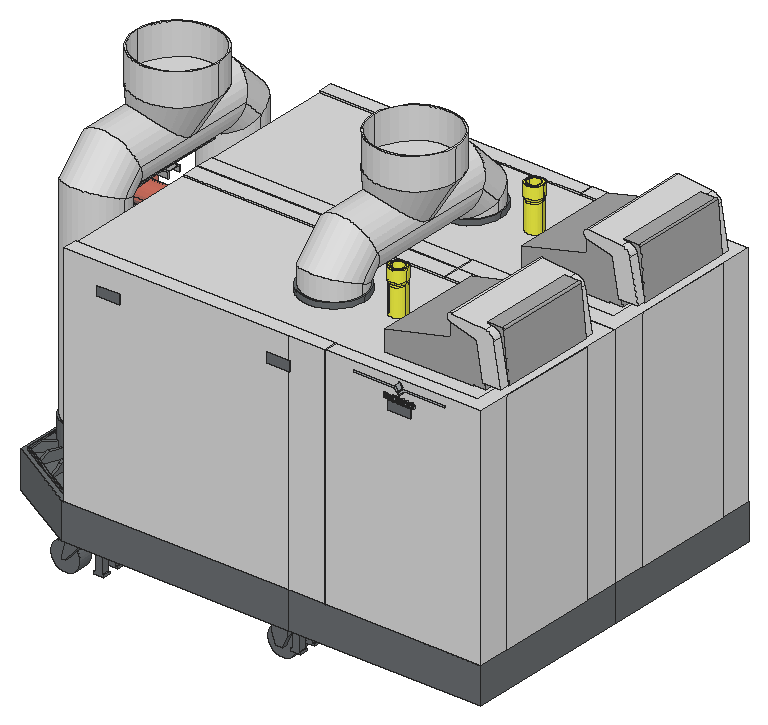
Revit family "HC_Boiler_Condensate Flow_MEPcontent_De Dietrich Thermique_C 640 8-10_FR-FR", category Mechanical Equipment, Revit 2018 (continued)
Definition of nested family "HC_Boiler_Remeha_320 Ace 8-10_Geometry_Left"
  Forms (mm)
    Extrusion 54, solid, material <- "Light Gray", visible <- "Control Unit on Back", detail levels fine
      sketch origin (-1128.353, 410, 5) x (-1, 0, 0) y (0, 0, -1)
        loop
          line (-2182.356, -1499.549) -> (-2214.226, -1324.809) -> (-2135.102, -1324.809) -> (-2135.421, -1323) -> (-2215.853, -1323) -> (-2197.416, -1530.189)
          arc (-2197.416, -1530.189) -> (-2194.853, -1535.396) -> (-2189.446, -1537.5) r 8
      from 202.015 to 617
    Extrusion 55, solid, material <- "Blue", detail levels fine
      sketch origin (-140.5, -348.5, -2.5) x (0, -1, 0) y (0, 0, 1)
        loop
          circle (-110, 368.5) r 49
        loop
          circle (-110, 368.5) r 44.5
      from 573 to 928.5
    Extrusion 56, solid, material <- "Red", detail levels fine
      sketch origin (-140.5, -339.125, 650.996) x (0, -1, 0) y (0, 0, 1)
        loop
          circle (-100.625, 372.004) r 44.45
        loop
          circle (-100.625, 372.004) r 49
      from 573 to 928.5
    Sweep 57, solid, material <- "Blue", visible <- "Optional Connection", detail levels fine
      path origin (-140.5, -238.406, 363.5) x (0, 0, -1) y (1, 0, 0)
        loop
          line (-322.5, -928.5) -> (-322.5, -883.236)
          arc (-322.5, -883.236) -> (-313.811, -837.713) -> (-288.967, -798.59) r 123.6
          line (-288.967, -798.59) -> (-212.022, -716.717)
          arc (-212.022, -716.717) -> (-186.635, -676.739) -> (-177.756, -630.222) r 126.3
          line (-177.756, -630.222) -> (-177.756, -574.5) -> (-177.756, -573.5)
      profile origin (-1046.368, -238.406, 686) x (0, 0, 1) y (0, -1, 0)
        loop
          circle (0, 0.094) r 45.7
        loop
          circle (0, 0.094) r 38.05
    Extrusion 58, solid, material <- "Red", detail levels fine
      sketch origin (15, -2124.587, -334.845) x (0, -1, 0) y (0, 0, -1)
        loop
          circle (-1886.087, -1357.845) r 99.5
        loop
          circle (-1916.587, -1431.845) r 9
        loop
          circle (-1853.313, -1431.845) r 9
        loop
          circle (-1916.587, -1283.845) r 9
        loop
          circle (-1853.313, -1283.845) r 9
        loop
          circle (-1812.087, -1388.345) r 9
        loop
          circle (-1812.087, -1327.345) r 9
        loop
          circle (-1960.087, -1388.345) r 9
        loop
          circle (-1960.087, -1327.345) r 9
        loop
          circle (-1886.087, -1357.845) r 44.45
      from -1101 to -1084
    Extrusion 59, solid, material <- "Blue", detail levels fine
      sketch origin (15, -2133.364, -990.844) x (0, -1, 0) y (0, 0, -1)
        loop
          circle (-1927.731, -1430.844) r 9
        loop
          circle (-1864.458, -1430.844) r 9
        loop
          circle (-1927.731, -1282.844) r 9
        loop
          circle (-1864.458, -1282.844) r 9
        loop
          circle (-1823.231, -1387.344) r 9
        loop
          circle (-1823.231, -1326.344) r 9
        loop
          circle (-1971.231, -1387.344) r 9
        loop
          circle (-1971.231, -1326.344) r 9
        loop
          circle (-1894.958, -1356.844) r 99.5
        loop
          circle (-1894.864, -1356.844) r 44.5
      from -1101 to -1084
    Extrusion 60, solid, material <- "Blue", visible <- "Optional Connection", detail levels fine
      sketch origin (15, -2124.04, -667.844) x (0, -1, 0) y (0, 0, -1)
        loop
          circle (-1885.54, -1353.844) r 92.5
        loop
          circle (-1939.079, -1405.109) r 9
        loop
          circle (-1885.54, -1353.844) r 38.05
        loop
          circle (-1939.079, -1302.579) r 9
        loop
          circle (-1834.275, -1405.109) r 9
        loop
          circle (-1834.275, -1302.579) r 9
      from -1101 to -1084
    Extrusion 61, solid, detail levels coarse+medium
      sketch origin (-140.5, -348.406, -2.5) x (0, -1, 0) y (0, 0, 1)
        loop
          circle (-110, 368.5) r 44.45
        loop
          circle (-110, 368.5) r 49
      from 573 to 928.5
    Extrusion 62, solid, detail levels coarse+medium
      sketch origin (-140.5, -339.031, 650.996) x (0, -1, 0) y (0, 0, 1)
        loop
          circle (-100.625, 372.004) r 44.45
        loop
          circle (-100.625, 372.004) r 49
      from 573 to 928.5
    Sweep 63, solid, visible <- "Optional Connection", detail levels coarse+medium
      path origin (-140.5, -238.406, 363.5) x (0, 0, -1) y (1, 0, 0)
        loop
          line (-322.5, -928.5) -> (-322.5, -884.305)
          arc (-322.5, -884.305) -> (-313.622, -837.788) -> (-288.235, -797.811) r 126.3
          line (-288.235, -797.811) -> (-212.022, -716.717)
          arc (-212.022, -716.717) -> (-186.635, -676.739) -> (-177.756, -630.222) r 126.3
          line (-177.756, -630.222) -> (-177.756, -574.5) -> (-177.756, -573.5)
      profile origin (-1046.903, -238.406, 686) x (0, 0, 1) y (0, -1, 0)
        loop
          circle (0, 0) r 45.7
        loop
          circle (0, -0.156) r 38.05
    Extrusion 64, solid, detail levels coarse+medium
      sketch origin (14, -2124.493, -334.845) x (0, -1, 0) y (0, 0, -1)
        loop
          circle (-1886.087, -1357.845) r 99.5
        loop
          circle (-1886.087, -1357.845) r 44.45
      from -1100 to -1083
    Extrusion 65, solid, detail levels coarse+medium
      sketch origin (14, -2133.364, -990.844) x (0, -1, 0) y (0, 0, -1)
        loop
          circle (-1894.958, -1356.844) r 99.5
        loop
          circle (-1894.958, -1356.844) r 44.45
      from -1100 to -1083
    Extrusion 66, solid, visible <- "Optional Connection", detail levels coarse+medium
      sketch origin (14, -2125.04, -669.844) x (0, -1, 0) y (0, 0, -1)
        loop
          circle (-1885.54, -1355.844) r 92.5
        loop
          circle (-1886.634, -1355.844) r 38.05
      from -1100 to -1083
    Extrusion 67, solid, material <- "Light Gray", visible <- "Control Unit on Back", detail levels fine
      sketch origin (734, 734, 0) x (1, 0, 0) y (0, 0, 1)
        loop
          line (-158, 1380.443) -> (-158, 1293) -> (225.147, 1293) -> (225.147, 1298) -> (278.358, 1298) -> (272.749, 1329.809) -> (245.153, 1480.317)
          arc (245.153, 1480.317) -> (243.068, 1485.35) -> (238.035, 1487.435) r 7.118
          line (238.035, 1487.435) -> (134.516, 1515.172)
          arc (134.516, 1515.172) -> (129.055, 1517.69) -> (124.748, 1521.887) r 17.75
          line (124.748, 1521.887) -> (124.748, 1450.205) -> (-158, 1380.443)
      from 500.5 to 967.5
    Extrusion 68, solid, visible <- "Control Unit on Back", detail levels coarse+medium
      sketch origin (734, 734, 0) x (1, 0, 0) y (0, 0, 1)
        loop
          line (124.748, 1450.205) -> (-158, 1380.443) -> (-158, 1293) -> (225.147, 1293) -> (225.147, 1298) -> (278.358, 1298) -> (272.749, 1329.809) -> (351.873, 1329.809) -> (320.004, 1504.549)
          arc (320.004, 1504.549) -> (307.635, 1527.094) -> (284.098, 1537.451) r 40
          line (284.098, 1537.451) -> (140.657, 1550)
          arc (140.657, 1550) -> (123.662, 1541.059) -> (124.748, 1521.887) r 17.75
          line (124.748, 1521.887) -> (124.748, 1450.205)
      from 489 to 979
    Extrusion 69, solid, detail levels coarse+medium
      sketch origin (14.5, 351.625, 0) x (-1, 0, 0) y (0, -1, 0)
        loop
          circle (-482.322, 351) r 21.2
      from 130 to 155
    Extrusion 70, void
      sketch origin (0, 0, 0) x (0, 1, 0) y (0, 0, 1)
        loop
          circle (-238.406, 366) r 49
        loop
          circle (239.5, 366) r 49
      from -1086 to -714.816
    Extrusion 71, solid, material <- "White", visible <- "Control Unit on Side", detail levels fine
      sketch origin (323.988, -1859.853, 5) x (0, -1, 0) y (0, 0, -1)
        loop
          arc (-2003.01, -1545) -> (-1983.982, -1530.4) -> (-1996.869, -1510.172) r 17.75
          line (-1996.869, -1510.172) -> (-2100.387, -1482.435)
          arc (-2100.387, -1482.435) -> (-2105.421, -1480.35) -> (-2107.505, -1475.317) r 7.118
          line (-2107.505, -1475.317) -> (-2135.102, -1324.809) -> (-2214.226, -1324.809) -> (-2182.356, -1499.549)
          arc (-2182.356, -1499.549) -> (-2169.988, -1522.094) -> (-2146.45, -1532.451) r 40
          line (-2146.45, -1532.451) -> (-2003.01, -1545)
      from 165 to 655
    Extrusion 72, solid, material <- "Light Gray", visible <- "Control Unit on Side", detail levels fine
      sketch origin (323.988, -1859.853, 5) x (0, -1, 0) y (0, 0, -1)
        loop
          line (-2189.446, -1537.5) -> (-2126, -1537.5) -> (-2126, -1534.24) -> (-2146.45, -1532.451)
          arc (-2146.45, -1532.451) -> (-2169.988, -1522.094) -> (-2182.356, -1499.549) r 40
          line (-2182.356, -1499.549) -> (-2214.226, -1324.809) -> (-2135.102, -1324.809) -> (-2135.421, -1323) -> (-2215.853, -1323) -> (-2197.416, -1530.189)
          arc (-2197.416, -1530.189) -> (-2194.853, -1535.396) -> (-2189.446, -1537.5) r 8
      from 202.015 to 617
    Extrusion 73, solid, material <- "Light Gray", visible <- "Control Unit on Side", detail levels fine
      sketch origin (-0.012, 2.5, 0) x (0, 1, 0) y (0, 0, 1)
        loop
          line (-158, 1380.443) -> (-158, 1293) -> (225.147, 1293) -> (225.147, 1298) -> (278.358, 1298) -> (272.749, 1329.809) -> (245.153, 1480.317)
          arc (245.153, 1480.317) -> (243.068, 1485.35) -> (238.035, 1487.435) r 7.118
          line (238.035, 1487.435) -> (134.516, 1515.172)
          arc (134.516, 1515.172) -> (129.055, 1517.69) -> (124.748, 1521.887) r 17.75
          line (124.748, 1521.887) -> (124.748, 1450.205) -> (-158, 1380.443)
      from 500.5 to 967.5
    Extrusion 74, solid, visible <- "Control Unit on Side", detail levels coarse+medium
      sketch origin (-0.012, 1.627, 0) x (0, 1, 0) y (0, 0, 1)
        loop
          line (124.748, 1450.205) -> (-158, 1380.443) -> (-158, 1293) -> (225.147, 1293) -> (225.147, 1298) -> (278.358, 1298) -> (272.749, 1329.809) -> (351.873, 1329.809) -> (320.004, 1504.549)
          arc (320.004, 1504.549) -> (307.635, 1527.094) -> (284.098, 1537.451) r 40
          line (284.098, 1537.451) -> (140.657, 1550)
          arc (140.657, 1550) -> (123.662, 1541.059) -> (124.748, 1521.887) r 17.75
          line (124.748, 1521.887) -> (124.748, 1450.205)
      from 489 to 979
    Extrusion 75, solid, material <- "Grey", detail levels fine
      sketch origin (0, 0, 0) x (1, 0, 0) y (0, 1, 0)
        loop
          circle (166.5, 0.5) r 125
        loop
          circle (166.5, 0.5) r 135
      from 1287 to 1310
  Cuts and joins
    Extrusion 35 cuts Extrusion 18
    Extrusion 37 cuts Revolve 36
    Extrusion 70 cuts Extrusion 48
    Extrusion 70 cuts Extrusion 19
    Extrusion 70 cuts Extrusion 31
    Extrusion 70 cuts Extrusion 30
    Extrusion 70 cuts Extrusion 24
  Dimensions and locks
    equal spacing: plane 5, plane 1 "Center (Front/Back)", plane 4
    "Overall Width": plane 4 to plane 5
    "Overall Height": plane 6 to plane 2
    Extrusion 42 sketch curve to Extrusion 42 sketch curve to Extrusion 42 sketch curve to Extrusion 42 sketch curve = 18.127 mm locked, 6.495 mm locked, 75 mm locked
    Extrusion 40 sketch curve to Extrusion 40 sketch curve to Extrusion 40 sketch curve to Extrusion 40 sketch curve = 18.127 mm locked, 6.495 mm locked, 75 mm locked
    Extrusion 46 sketch curve to Extrusion 46 sketch curve to Extrusion 46 sketch curve to Extrusion 46 sketch curve = 20.005 mm locked, 30.007 mm locked, 20.005 mm locked
    Extrusion 44 sketch curve to Extrusion 44 sketch curve to Extrusion 44 sketch curve to Extrusion 44 sketch curve = 20.005 mm locked, 30.007 mm locked, 20.005 mm locked
    locked: Extrusion 47 sketch curve to Extrusion 47 sketch curve
    locked: Extrusion 49 sketch curve to Extrusion 49 sketch curve
    locked: Extrusion 49 sketch curve to Extrusion 49 sketch curve at 10
    locked: Extrusion 38 sketch curve to Extrusion 48 at 10  (x2)
    locked: plane 7 to plane 2 at 155
    plane 6 to plane 9 = 257 mm
    locked: Extrusion 62 sketch curve to Extrusion 62 sketch curve at 0  (x2)
    locked: Extrusion 61 sketch curve to Extrusion 61 sketch curve at 0  (x2)
    locked: plane 4 to plane 14 at 114
    equal spacing: plane 16, plane 3 "Center (Left/Right)", plane 15
    "Overall Length": plane 16 to plane 15
    plane 15 to plane 10 = 1800 mm
    plane 5 to Extrusion 48 sketch curve = 14 mm
    Extrusion 38 to plane 15 = 2141.988 mm
    plane 13 to level = 366 mm
    plane 12 to plane 13 = 320 mm
    plane 11 to plane 12 = 337 mm
    plane 10 to plane 15 = 1800 mm
    plane 4 to plane 1 "Center (Front/Back)" = 353.5 mm
    plane 17 to level = 1477 mm
    plane 9 to level = 1293 mm
    locked: plane 9 to plane 7 at 1138
    plane 4 to plane 19 = 353 mm
    plane 4 to plane 20 = 592 mm
    Extrusion 1 to plane 20 = 592 mm
    radius of Extrusion 6 sketch curve = 62.485 mm
    radius of Extrusion 2 sketch curve = 62.485 mm
    radius of Extrusion 14 sketch curve = 62.485 mm
    radius of Extrusion 10 sketch curve = 62.485 mm
    diameter of Extrusion 34 sketch curve = 42.4 mm
    radius of Extrusion 41 sketch curve = 62.485 mm
    radius of Extrusion 39 sketch curve = 62.485 mm
    radius of Extrusion 45 sketch curve = 62.485 mm
    radius of Extrusion 43 sketch curve = 62.485 mm
    radius of Extrusion 49 sketch curve = 135 mm
    radius of Extrusion 49 sketch curve = 125 mm
    diameter of Extrusion 55 sketch curve = 98 mm
    diameter of Extrusion 65 sketch curve = 88.9 mm
    diameter of Extrusion 61 sketch curve = 98 mm
    diameter of Extrusion 69 sketch curve = 42.4 mm
    radius of Extrusion 75 sketch curve = 135 mm
    radius of Extrusion 75 sketch curve = 125 mm
    aligned and locked: level to plane 2
    aligned and locked: Extrusion 7 to Extrusion 1
    aligned and locked: Extrusion 9 to Extrusion 1
    aligned and locked: Extrusion 15 to Extrusion 1
    aligned and locked: Extrusion 17 to Extrusion 1
    aligned and locked: Extrusion 20 to Extrusion 1
    aligned and locked: Extrusion 34 to Extrusion 1
    aligned and locked: Extrusion 45 sketch curve to Extrusion 14
    aligned and locked: Extrusion 43 sketch curve to Extrusion 45
    aligned and locked: Extrusion 46 sketch curve to Extrusion 15  (x3)
    aligned and locked: Extrusion 44 sketch curve to Extrusion 11  (x3)
    aligned and locked: Extrusion 48 to Extrusion 18
    aligned and locked: Extrusion 49 to Extrusion 48
    aligned and locked: Extrusion 50 to Extrusion 48
    aligned and locked: Extrusion 33 to Extrusion 48
    aligned and locked: Extrusion 38 to Extrusion 48
    aligned and locked: Extrusion 48 to Extrusion 22
    aligned and locked: Extrusion 31 to Extrusion 48
    aligned and locked: Extrusion 47 to Extrusion 48
    aligned and locked: Extrusion 32 to Extrusion 48
    aligned and locked: Extrusion 23 to Extrusion 38
    aligned and locked: Extrusion 24 to Extrusion 38
    aligned and locked: Extrusion 25 to Extrusion 38
    aligned and locked: Extrusion 26 to Extrusion 38
    aligned and locked: Extrusion 29 to Extrusion 38
    aligned and locked: Extrusion 28 to Extrusion 38
    aligned and locked: Extrusion 27 to Extrusion 38
    aligned and locked: Extrusion 48 sketch curve to plane 4
    aligned and locked: Extrusion 64 to Extrusion 58
    aligned and locked: Extrusion 62 to Extrusion 56
    aligned and locked: Extrusion 60 to Extrusion 66
    aligned and locked: Extrusion 55 to Extrusion 65
    aligned and locked: Extrusion 61 to Extrusion 55
    aligned and locked: Extrusion 55 to Extrusion 61
    aligned and locked: Extrusion 64 to Extrusion 62
    aligned and locked: Extrusion 58 to Extrusion 64
    aligned and locked: Extrusion 66 to Extrusion 64
    aligned and locked: Extrusion 60 to Extrusion 64
    aligned and locked: Extrusion 65 to Extrusion 64
    aligned and locked: Extrusion 59 to Extrusion 64
    aligned and locked: Extrusion 48 sketch curve to plane 15
    aligned and locked: plane 17 to cut or joined group of Revolve 36, Extrusion 37
    aligned and locked: Extrusion 50 to plane 17
    aligned and locked: Extrusion 33 to plane 17
    aligned and locked: cut or joined group of Revolve 36, Extrusion 37 to plane 17
  Automatic sketch dimensions
    Extrusion 1 sketch curve to plane 4 = 0 mm
    Extrusion 1 sketch curve to plane 15 = 0 mm
    Extrusion 1 sketch curve to plane 5 = 14 mm
    plane 3 "Center (Left/Right)" to Extrusion 1 sketch curve = 257.5 mm  (x2)
    Extrusion 1 sketch curve to plane 10 = 10 mm
    Extrusion 1 sketch curve to plane 16 = 30.012 mm
    plane 14 to Extrusion 1 sketch curve = 77.145 mm
    level to Extrusion 2 sketch curve = 62.222 mm
    Extrusion 2 sketch curve to plane 10 = 40.479 mm
    level to Extrusion 6 sketch curve = 62.222 mm
    Extrusion 6 sketch curve to plane 10 = 40.479 mm
    level to Extrusion 10 sketch curve = 62.222 mm
    plane 3 "Center (Left/Right)" to Extrusion 10 sketch curve = 182.328 mm
    level to Extrusion 14 sketch curve = 62.222 mm
    plane 3 "Center (Left/Right)" to Extrusion 14 sketch curve = 182.328 mm
    Extrusion 18 sketch curve to plane 4 = 0 mm
    Extrusion 18 sketch curve to plane 15 = 0 mm
    Extrusion 18 sketch curve to plane 10 = 0 mm  (x2)
    Extrusion 18 sketch curve to plane 15 = 61.5 mm
    Extrusion 18 sketch curve to plane 5 = 14 mm
    plane 3 "Center (Left/Right)" to Extrusion 18 sketch curve = 257.5 mm  (x2)
    Extrusion 18 sketch curve to plane 14 = 53 mm
    Extrusion 18 sketch curve to Extrusion 18 sketch curve = 0 mm
    plane 20 to Extrusion 18 sketch curve = 54 mm
    Extrusion 19 sketch curve to plane 10 = 0 mm
    Extrusion 19 sketch curve to plane 14 = 53 mm
    plane 3 "Center (Left/Right)" to Extrusion 19 sketch curve = 257.5 mm
    Extrusion 19 sketch curve to plane 15 = 61.5 mm
    plane 20 to Extrusion 19 sketch curve = 54 mm
    Extrusion 31 sketch curve to plane 10 = 9 mm
    Extrusion 31 sketch curve to Extrusion 31 sketch curve = 3 mm  (x2)
    Extrusion 31 sketch curve to plane 16 = 57 mm
    Extrusion 31 sketch curve to plane 4 = 24.132 mm
    Extrusion 31 sketch curve to Extrusion 31 sketch curve = 5.189 mm  (x2)
    plane 14 to Extrusion 31 sketch curve = 88.329 mm
    Extrusion 31 sketch curve to Extrusion 31 sketch curve = 1.734 mm  (x2)
    Extrusion 31 sketch curve to plane 20 = 89.063 mm
    plane 5 to Extrusion 31 sketch curve = 29.321 mm
    Extrusion 32 sketch curve to Extrusion 32 sketch curve = 0 mm  (x2)
    plane 1 "Center (Front/Back)" to Extrusion 32 sketch curve = 0 mm
    Extrusion 32 sketch curve to plane 10 = 144.515 mm
    Extrusion 33 sketch curve to plane 19 = 0 mm  (x2)
    plane 3 "Center (Left/Right)" to Extrusion 33 sketch curve = 445 mm
    Extrusion 33 sketch curve to Extrusion 33 sketch curve = 0.184 mm
    plane 19 to Extrusion 34 sketch curve = 0.125 mm
    plane 3 "Center (Left/Right)" to Extrusion 34 sketch curve = 496.822 mm
    Extrusion 37 sketch curve to plane 19 = 0.024 mm
    plane 3 "Center (Left/Right)" to Extrusion 37 sketch curve = 445 mm
    Extrusion 38 sketch curve to plane 4 = 0 mm
    Extrusion 38 sketch curve to plane 5 = 14 mm
    plane 3 "Center (Left/Right)" to Extrusion 38 sketch curve = 253 mm  (x2)
    Extrusion 38 sketch curve to plane 15 = 4.5 mm
    Extrusion 38 sketch curve to plane 16 = 30.012 mm
    plane 14 to Extrusion 38 sketch curve = 77.432 mm
    Extrusion 38 sketch curve to plane 20 = 81.432 mm
    level to Extrusion 39 sketch curve = 62.222 mm
    Extrusion 39 sketch curve to plane 10 = 40.479 mm
    level to Extrusion 41 sketch curve = 62.222 mm
    Extrusion 41 sketch curve to plane 10 = 40.479 mm
    Extrusion 47 sketch curve to Extrusion 47 sketch curve = 0 mm  (x2)
    plane 1 "Center (Front/Back)" to Extrusion 47 sketch curve = 0 mm
    Extrusion 47 sketch curve to plane 10 = 144.515 mm
    Extrusion 48 sketch curve to plane 10 = 0 mm
    Extrusion 49 sketch curve to Extrusion 49 sketch curve = 0 mm  (x2)
    Extrusion 49 sketch curve to plane 19 = 0 mm
    plane 3 "Center (Left/Right)" to Extrusion 49 sketch curve = 166.5 mm
    Extrusion 50 sketch curve to plane 19 = 0 mm  (x2)
    plane 3 "Center (Left/Right)" to Extrusion 50 sketch curve = 445 mm
    Extrusion 50 sketch curve to Extrusion 50 sketch curve = 0.184 mm
    plane 4 to Extrusion 52 sketch curve = 2.5 mm
    Extrusion 52 sketch curve to plane 15 = 144.985 mm
    Extrusion 52 sketch curve to Extrusion 52 sketch curve = 415 mm
    plane 14 to Extrusion 52 sketch curve = 14.353 mm
    Extrusion 56 sketch curve to Extrusion 56 sketch curve = 0 mm  (x2)
    Extrusion 56 sketch curve to plane 11 = 0 mm
    Extrusion 56 sketch curve to plane 20 = 0 mm
    Sweep 57 sketch curve to plane 12 = 0 mm
    Sweep 57 sketch curve to plane 10 = 0 mm
    Sweep 57 sketch curve to plane 12 = 18.444 mm
    Sweep 57 sketch curve to plane 12 = 33.533 mm
    Sweep 57 sketch curve to Sweep 57 sketch curve = 76.945 mm
    Sweep 57 sketch curve to plane 10 = 1 mm
    Sweep 57 sketch curve to Sweep 57 sketch curve = 34.265 mm
    Sweep 57 sketch curve to plane 10 = 56.722 mm
    Sweep 57 sketch curve to plane 16 = 17 mm
    Sweep 57 sketch curve to Sweep 57 sketch curve = 0 mm  (x2)
    profile plane to Sweep 57 sketch curve = 0 mm
    profile plane to Sweep 57 sketch curve = 0.094 mm
    Extrusion 58 sketch curve to Extrusion 58 sketch curve = 0 mm  (x3)
    Extrusion 58 sketch curve to plane 11 = 0 mm
    Extrusion 58 sketch curve to plane 20 = 0 mm
    Extrusion 58 sketch curve to plane 20 = 30.5 mm  (x2)
    plane 11 to Extrusion 58 sketch curve = 30.5 mm  (x2)
    Extrusion 58 sketch curve to Extrusion 58 sketch curve = 43.5 mm  (x4)
    Extrusion 58 sketch curve to plane 11 = 30.5 mm  (x2)
    plane 20 to Extrusion 58 sketch curve = 32.774 mm  (x2)
    plane 5 to Extrusion 58 sketch curve = 41 mm  (x2)
    plane 11 to Extrusion 58 sketch curve = 74 mm
    Extrusion 60 sketch curve to Extrusion 60 sketch curve = 0 mm  (x2)
    Extrusion 60 sketch curve to plane 12 = 0 mm
    Extrusion 60 sketch curve to plane 20 = 0 mm
    Extrusion 60 sketch curve to plane 20 = 53.539 mm  (x2)
    plane 20 to Extrusion 60 sketch curve = 51.265 mm  (x2)
    plane 12 to Extrusion 60 sketch curve = 51.265 mm  (x2)
    Extrusion 60 sketch curve to plane 12 = 51.265 mm  (x2)
    Extrusion 62 sketch curve to Extrusion 62 sketch curve = 0 mm  (x2)
    Extrusion 62 sketch curve to plane 11 = 0 mm
    Extrusion 62 sketch curve to plane 20 = 0.094 mm
    Sweep 63 sketch curve to plane 12 = 0 mm
    Sweep 63 sketch curve to plane 10 = 0 mm
    Sweep 63 sketch curve to plane 12 = 18.444 mm
    Sweep 63 sketch curve to plane 12 = 34.265 mm
    Sweep 63 sketch curve to Sweep 63 sketch curve = 76.213 mm
    Sweep 63 sketch curve to plane 16 = 61.195 mm
    Sweep 63 sketch curve to Sweep 63 sketch curve = 126.3 mm
    Sweep 63 sketch curve to Sweep 63 sketch curve = 1 mm
    Sweep 63 sketch curve to plane 16 = 17 mm
    profile plane to Sweep 63 sketch curve = 0 mm  (x2)
    Sweep 63 sketch curve to profile plane = 0 mm
    Sweep 63 sketch curve to Sweep 63 sketch curve = 0.156 mm
    Extrusion 64 sketch curve to Extrusion 64 sketch curve = 0 mm  (x2)
    Extrusion 64 sketch curve to plane 11 = 0 mm
    Extrusion 64 sketch curve to plane 20 = 0.094 mm
    Extrusion 66 sketch curve to plane 12 = 0 mm  (x2)
    Extrusion 66 sketch curve to plane 20 = 0.094 mm
    plane 20 to Extrusion 66 sketch curve = 1 mm
    plane 19 to Extrusion 69 sketch curve = 0.125 mm
    plane 3 "Center (Left/Right)" to Extrusion 69 sketch curve = 496.822 mm
    plane 10 to Extrusion 1 sketch curve = 22.95 mm
    Extrusion 1 sketch curve to plane 20 = 81.432 mm
    Extrusion 3 sketch curve to plane 7 = 0 mm
    level to Extrusion 3 sketch curve = 63.696 mm
    Extrusion 3 sketch curve to Extrusion 3 sketch curve = 1.196 mm
    Extrusion 3 sketch curve to Extrusion 3 sketch curve = 4.622 mm
    plane 10 to Extrusion 3 sketch curve = 54.5 mm
    Extrusion 3 sketch curve to plane 10 = 20.5 mm
    Extrusion 3 sketch curve to plane 10 = 26.995 mm
    Extrusion 3 sketch curve to Extrusion 3 sketch curve = 13.505 mm
    Extrusion 4 sketch curve to plane 7 = 0 mm
    level to Extrusion 4 sketch curve = 70 mm
    Extrusion 4 sketch curve to Extrusion 4 sketch curve = 0 mm
    Extrusion 4 sketch curve to Extrusion 4 sketch curve = 10 mm
    plane 10 to Extrusion 4 sketch curve = 149.713 mm
    Extrusion 4 sketch curve to Extrusion 4 sketch curve = 6.213 mm  (x2)
    Extrusion 4 sketch curve to Extrusion 4 sketch curve = 30 mm
    Extrusion 5 sketch curve to plane 7 = 0 mm
    level to Extrusion 5 sketch curve = 70 mm
    Extrusion 5 sketch curve to Extrusion 5 sketch curve = 0 mm
    Extrusion 5 sketch curve to Extrusion 5 sketch curve = 10 mm
    plane 10 to Extrusion 5 sketch curve = 107.287 mm
    Extrusion 5 sketch curve to Extrusion 5 sketch curve = 6.213 mm  (x2)
    Extrusion 5 sketch curve to Extrusion 5 sketch curve = 30 mm
    Extrusion 7 sketch curve to plane 7 = 0 mm
    level to Extrusion 7 sketch curve = 63.696 mm
    Extrusion 7 sketch curve to Extrusion 7 sketch curve = 1.196 mm
    Extrusion 7 sketch curve to Extrusion 7 sketch curve = 4.622 mm
    Extrusion 7 sketch curve to plane 10 = 44.965 mm
    Extrusion 7 sketch curve to Extrusion 7 sketch curve = 13.505 mm
    Extrusion 7 sketch curve to plane 10 = 20.5 mm
    plane 10 to Extrusion 7 sketch curve = 54.5 mm
    Extrusion 8 sketch curve to plane 7 = 0 mm
    level to Extrusion 8 sketch curve = 70 mm
    Extrusion 8 sketch curve to Extrusion 8 sketch curve = 0 mm
    Extrusion 8 sketch curve to Extrusion 8 sketch curve = 10 mm
    plane 10 to Extrusion 8 sketch curve = 107.287 mm
    Extrusion 8 sketch curve to Extrusion 8 sketch curve = 6.213 mm  (x2)
    Extrusion 8 sketch curve to Extrusion 8 sketch curve = 30 mm
    Extrusion 9 sketch curve to plane 7 = 0 mm
    level to Extrusion 9 sketch curve = 70 mm
    Extrusion 9 sketch curve to Extrusion 9 sketch curve = 0 mm
    Extrusion 9 sketch curve to Extrusion 9 sketch curve = 10 mm
    plane 10 to Extrusion 9 sketch curve = 149.713 mm
    Extrusion 9 sketch curve to Extrusion 9 sketch curve = 6.213 mm  (x2)
    Extrusion 9 sketch curve to Extrusion 9 sketch curve = 30 mm
    Extrusion 11 sketch curve to plane 7 = 0 mm
    Extrusion 11 sketch curve to plane 7 = 57.896 mm
    Extrusion 11 sketch curve to Extrusion 11 sketch curve = 57.896 mm
    level to Extrusion 11 sketch curve = 49.976 mm
    plane 3 "Center (Left/Right)" to Extrusion 11 sketch curve = 217.336 mm
    Extrusion 11 sketch curve to Extrusion 11 sketch curve = 20.005 mm
    Extrusion 11 sketch curve to Extrusion 11 sketch curve = 30.007 mm
    Extrusion 11 sketch curve to Extrusion 11 sketch curve = 70.016 mm
    Extrusion 12 sketch curve to plane 7 = 0 mm
    level to Extrusion 12 sketch curve = 70 mm
    Extrusion 12 sketch curve to Extrusion 12 sketch curve = 0 mm
    Extrusion 12 sketch curve to Extrusion 12 sketch curve = 10 mm
    plane 3 "Center (Left/Right)" to Extrusion 12 sketch curve = 286.213 mm
    Extrusion 12 sketch curve to Extrusion 12 sketch curve = 6.213 mm  (x2)
    Extrusion 12 sketch curve to Extrusion 12 sketch curve = 30 mm
    Extrusion 13 sketch curve to plane 7 = 0 mm
    level to Extrusion 13 sketch curve = 70 mm
    Extrusion 13 sketch curve to Extrusion 13 sketch curve = 0 mm
    Extrusion 13 sketch curve to Extrusion 13 sketch curve = 10 mm
    plane 3 "Center (Left/Right)" to Extrusion 13 sketch curve = 243.787 mm
    Extrusion 13 sketch curve to Extrusion 13 sketch curve = 6.213 mm  (x2)
    Extrusion 13 sketch curve to Extrusion 13 sketch curve = 30 mm
    Extrusion 15 sketch curve to plane 7 = 0 mm
    Extrusion 15 sketch curve to plane 7 = 57.896 mm  (x2)
    level to Extrusion 15 sketch curve = 49.976 mm
    plane 3 "Center (Left/Right)" to Extrusion 15 sketch curve = 147.32 mm
    Extrusion 15 sketch curve to Extrusion 15 sketch curve = 20.005 mm  (x2)
    Extrusion 15 sketch curve to Extrusion 15 sketch curve = 30.007 mm
    Extrusion 16 sketch curve to plane 7 = 0 mm
    level to Extrusion 16 sketch curve = 70 mm
    Extrusion 16 sketch curve to Extrusion 16 sketch curve = 0 mm
    Extrusion 16 sketch curve to Extrusion 16 sketch curve = 10 mm
    plane 3 "Center (Left/Right)" to Extrusion 16 sketch curve = 243.787 mm
    Extrusion 16 sketch curve to Extrusion 16 sketch curve = 6.213 mm  (x2)
    Extrusion 16 sketch curve to Extrusion 16 sketch curve = 30 mm
    Extrusion 17 sketch curve to plane 7 = 0 mm
    level to Extrusion 17 sketch curve = 70 mm
    Extrusion 17 sketch curve to Extrusion 17 sketch curve = 0 mm
    Extrusion 17 sketch curve to Extrusion 17 sketch curve = 10 mm
    plane 3 "Center (Left/Right)" to Extrusion 17 sketch curve = 286.213 mm
    Extrusion 17 sketch curve to Extrusion 17 sketch curve = 6.213 mm  (x2)
    Extrusion 17 sketch curve to Extrusion 17 sketch curve = 30 mm
    Extrusion 20 sketch curve to plane 7 = 0 mm
    Extrusion 20 sketch curve to plane 7 = 37.233 mm
    level to Extrusion 20 sketch curve = 35 mm
    level to Extrusion 20 sketch curve = 5 mm
    plane 3 "Center (Left/Right)" to Extrusion 20 sketch curve = 454 mm
    Extrusion 20 sketch curve to Extrusion 20 sketch curve = 10 mm
    Extrusion 20 sketch curve to Extrusion 20 sketch curve = 40 mm
    Extrusion 20 sketch curve to Extrusion 20 sketch curve = 77 mm
    Extrusion 22 sketch curve to plane 9 = 2 mm
    Extrusion 22 sketch curve to plane 20 = 23.5 mm
    plane 14 to Extrusion 22 sketch curve = 24.5 mm
    Extrusion 22 sketch curve to plane 13 = 56 mm
    plane 20 to Extrusion 23 sketch curve = 5.937 mm
    Extrusion 23 sketch curve to plane 13 = 16.5 mm
    Extrusion 23 sketch curve to plane 20 = 60.704 mm
    Extrusion 23 sketch curve to Extrusion 23 sketch curve = 49 mm
    Extrusion 23 sketch curve to plane 13 = 48.5 mm
    Extrusion 23 sketch curve to Extrusion 23 sketch curve = 7.5 mm
    Extrusion 24 sketch curve to plane 14 = 7.211 mm
    Extrusion 24 sketch curve to plane 13 = 16.5 mm
    plane 14 to Extrusion 24 sketch curve = 59.047 mm
    Extrusion 24 sketch curve to Extrusion 24 sketch curve = 49.021 mm
    Extrusion 24 sketch curve to plane 13 = 46 mm
    Extrusion 24 sketch curve to Extrusion 24 sketch curve = 39.5 mm
    Extrusion 25 sketch curve to plane 13 = 56 mm
    Extrusion 25 sketch curve to plane 13 = 16.5 mm
    Extrusion 25 sketch curve to Extrusion 25 sketch curve = 39.148 mm
    Extrusion 25 sketch curve to Extrusion 25 sketch curve = 50.435 mm
    Extrusion 25 sketch curve to Extrusion 25 sketch curve = 7.5 mm
    Extrusion 26 sketch curve to plane 13 = 56 mm
    Extrusion 26 sketch curve to plane 13 = 16.5 mm
    Extrusion 26 sketch curve to Extrusion 26 sketch curve = 41.003 mm
    Extrusion 26 sketch curve to Extrusion 26 sketch curve = 54.782 mm
    Extrusion 26 sketch curve to Extrusion 26 sketch curve = 6.102 mm
    Extrusion 27 sketch curve to plane 13 = 56 mm
    Extrusion 27 sketch curve to plane 13 = 16.5 mm
    Extrusion 27 sketch curve to Extrusion 27 sketch curve = 38.121 mm
    Extrusion 27 sketch curve to Extrusion 27 sketch curve = 15.209 mm
    Extrusion 27 sketch curve to Extrusion 27 sketch curve = 8.274 mm
    Extrusion 28 sketch curve to plane 16 = 54.912 mm
    Extrusion 28 sketch curve to plane 13 = 16.5 mm
    Extrusion 28 sketch curve to Extrusion 28 sketch curve = 36.857 mm
    Extrusion 28 sketch curve to Extrusion 28 sketch curve = 7.1 mm
    Extrusion 28 sketch curve to plane 13 = 44.274 mm
    Extrusion 28 sketch curve to Extrusion 28 sketch curve = 39.5 mm
    Extrusion 29 sketch curve to plane 13 = 56 mm
    Extrusion 29 sketch curve to plane 13 = 16.5 mm
    Extrusion 29 sketch curve to Extrusion 29 sketch curve = 37.294 mm
    Extrusion 29 sketch curve to Extrusion 29 sketch curve = 13.599 mm
    Extrusion 29 sketch curve to Extrusion 29 sketch curve = 8.897 mm
    Extrusion 30 sketch curve to plane 13 = 53.5 mm
    Extrusion 30 sketch curve to plane 13 = 16.5 mm
    Extrusion 30 sketch curve to Extrusion 30 sketch curve = 38.031 mm
    Extrusion 30 sketch curve to Extrusion 30 sketch curve = 50.316 mm
    Extrusion 30 sketch curve to Extrusion 30 sketch curve = 8.342 mm
    Extrusion 35 sketch curve to plane 9 = 0 mm
    Extrusion 35 sketch curve to plane 7 = 0 mm
    Extrusion 35 sketch curve to plane 4 = 0 mm
    Extrusion 35 sketch curve to plane 4 = 7.5 mm
    Extrusion 35 sketch curve to plane 5 = 14 mm
    Extrusion 35 sketch curve to plane 9 = 7.097 mm
    Revolve 36 sketch curve to plane 17 = 0 mm
    plane 17 to Revolve 36 sketch curve = 48.5 mm
    Revolve 36 sketch curve to Revolve 36 sketch curve = 9.229 mm
    Revolve 36 sketch curve to Revolve 36 sketch curve = 7.771 mm
    plane 3 "Center (Left/Right)" to Revolve 36 sketch curve = 483.829 mm
    Revolve 36 sketch curve to Revolve 36 sketch curve = 3.1 mm
    Revolve 36 sketch curve to Revolve 36 sketch curve = 14.9 mm
    plane 17 to Revolve 36 sketch curve = 9.5 mm
    Revolve 36 sketch curve to Revolve 36 sketch curve = 20.392 mm
    Revolve 36 sketch curve to Revolve 36 sketch curve = 20.829 mm
    Extrusion 40 sketch curve to plane 7 = 0 mm
    level to Extrusion 40 sketch curve = 63.696 mm
    Extrusion 40 sketch curve to Extrusion 40 sketch curve = 1.196 mm
    Extrusion 40 sketch curve to Extrusion 40 sketch curve = 4.622 mm
    plane 10 to Extrusion 40 sketch curve = 54.5 mm
    Extrusion 42 sketch curve to plane 7 = 0 mm
    level to Extrusion 42 sketch curve = 63.696 mm
    Extrusion 42 sketch curve to Extrusion 42 sketch curve = 1.196 mm
    Extrusion 42 sketch curve to Extrusion 42 sketch curve = 4.622 mm
    Extrusion 42 sketch curve to plane 10 = 44.965 mm
    Extrusion 44 sketch curve to plane 7 = 0 mm
    Extrusion 46 sketch curve to plane 7 = 0 mm
    Extrusion 51 sketch curve to plane 13 = 53.5 mm
    Extrusion 51 sketch curve to plane 13 = 16.5 mm
    Extrusion 51 sketch curve to Extrusion 51 sketch curve = 41.003 mm
    Extrusion 51 sketch curve to Extrusion 51 sketch curve = 54.782 mm
    Extrusion 51 sketch curve to Extrusion 51 sketch curve = 6.102 mm
    Extrusion 53 sketch curve to plane 6 = 0 mm
    Extrusion 53 sketch curve to plane 15 = 0.127 mm
    Extrusion 53 sketch curve to plane 15 = 31.996 mm
    Extrusion 53 sketch curve to plane 6 = 12.549 mm
    Extrusion 53 sketch curve to Extrusion 53 sketch curve = 35.906 mm
    Extrusion 53 sketch curve to plane 17 = 20.603 mm
    Extrusion 53 sketch curve to Extrusion 53 sketch curve = 39.392 mm
    plane 9 to Extrusion 53 sketch curve = 36.809 mm
    Extrusion 53 sketch curve to Extrusion 53 sketch curve = 79.124 mm
    Extrusion 53 sketch curve to plane 17 = 3.317 mm
    Extrusion 53 sketch curve to Extrusion 53 sketch curve = 35.459 mm
    Extrusion 53 sketch curve to Extrusion 53 sketch curve = 7.118 mm
    Extrusion 53 sketch curve to Extrusion 53 sketch curve = 97.378 mm
    Extrusion 53 sketch curve to Extrusion 53 sketch curve = 1.547 mm
    Extrusion 53 sketch curve to plane 6 = 34.828 mm
    Extrusion 53 sketch curve to Extrusion 53 sketch curve = 4.594 mm
    plane 15 to Extrusion 54 sketch curve = 1.5 mm
    Extrusion 54 sketch curve to plane 15 = 0.127 mm
    Extrusion 54 sketch curve to plane 15 = 16.937 mm
    Extrusion 54 sketch curve to plane 6 = 7.5 mm
    Extrusion 54 sketch curve to Extrusion 54 sketch curve = 7.97 mm
    Extrusion 54 sketch curve to Extrusion 54 sketch curve = 7.089 mm
    Extrusion 54 sketch curve to plane 6 = 12.549 mm
    Extrusion 54 sketch curve to Extrusion 54 sketch curve = 42.996 mm
    Extrusion 54 sketch curve to plane 17 = 20.603 mm
    Extrusion 54 sketch curve to Extrusion 54 sketch curve = 39.392 mm
    plane 9 to Extrusion 54 sketch curve = 35 mm
    Extrusion 54 sketch curve to Extrusion 54 sketch curve = 78.805 mm
    plane 9 to Extrusion 54 sketch curve = 36.809 mm
    Extrusion 54 sketch curve to Extrusion 54 sketch curve = 0.319 mm
    Extrusion 54 sketch curve to Extrusion 54 sketch curve = 20.45 mm
    Extrusion 54 sketch curve to Extrusion 54 sketch curve = 3.26 mm
    Extrusion 54 sketch curve to Extrusion 54 sketch curve = 7.311 mm
    Extrusion 55 sketch curve to Extrusion 55 sketch curve = 0 mm  (x2)
    Extrusion 55 sketch curve to plane 13 = 0 mm
    Extrusion 55 sketch curve to plane 20 = 0 mm
    Extrusion 59 sketch curve to plane 13 = 0 mm  (x2)
    Extrusion 59 sketch curve to plane 20 = 0 mm
    Extrusion 59 sketch curve to Extrusion 59 sketch curve = 0.094 mm
    Extrusion 59 sketch curve to plane 20 = 32.867 mm  (x2)
    Extrusion 59 sketch curve to plane 13 = 30.5 mm  (x2)
    Extrusion 59 sketch curve to Extrusion 59 sketch curve = 43.5 mm  (x4)
    plane 13 to Extrusion 59 sketch curve = 30.5 mm  (x2)
    Extrusion 59 sketch curve to Extrusion 59 sketch curve = 0 mm  (x2)
    plane 20 to Extrusion 59 sketch curve = 30.406 mm  (x2)
    plane 5 to Extrusion 59 sketch curve = 43.367 mm  (x2)
    Extrusion 61 sketch curve to Extrusion 61 sketch curve = 0 mm  (x2)
    Extrusion 61 sketch curve to plane 13 = 0 mm
    Extrusion 61 sketch curve to plane 20 = 0.094 mm
    Extrusion 65 sketch curve to Extrusion 65 sketch curve = 0 mm  (x2)
    Extrusion 65 sketch curve to plane 13 = 0 mm
    Extrusion 65 sketch curve to plane 20 = 0.094 mm
    Extrusion 67 sketch curve to plane 9 = 0 mm
    Extrusion 67 sketch curve to plane 15 = 510 mm
    Extrusion 67 sketch curve to plane 6 = 28.113 mm
    Extrusion 67 sketch curve to plane 15 = 227.252 mm
    Extrusion 67 sketch curve to plane 6 = 34.828 mm
    Extrusion 67 sketch curve to Extrusion 67 sketch curve = 9.768 mm
    Extrusion 67 sketch curve to plane 6 = 17.682 mm
    plane 9 to Extrusion 67 sketch curve = 5 mm
    Extrusion 67 sketch curve to plane 15 = 126.853 mm
    Extrusion 67 sketch curve to plane 17 = 3.317 mm
    Extrusion 67 sketch curve to Extrusion 67 sketch curve = 103.519 mm
    Extrusion 67 sketch curve to Extrusion 67 sketch curve = 7.118 mm
    plane 9 to Extrusion 67 sketch curve = 36.809 mm
    Extrusion 67 sketch curve to Extrusion 67 sketch curve = 47.602 mm
    Extrusion 67 sketch curve to Extrusion 67 sketch curve = 5.609 mm
    Extrusion 67 sketch curve to Extrusion 67 sketch curve = 87.443 mm
    plane 17 to Extrusion 67 sketch curve = 26.795 mm
    Extrusion 68 sketch curve to plane 9 = 0 mm
    Extrusion 68 sketch curve to plane 6 = 0 mm
    plane 9 to Extrusion 68 sketch curve = 87.443 mm
    Extrusion 68 sketch curve to plane 15 = 510 mm
    plane 17 to Extrusion 68 sketch curve = 26.795 mm
    Extrusion 68 sketch curve to plane 15 = 227.252 mm
    Extrusion 68 sketch curve to Extrusion 68 sketch curve = 14.362 mm
    Extrusion 68 sketch curve to Extrusion 68 sketch curve = 1.547 mm
    plane 9 to Extrusion 68 sketch curve = 5 mm
    Extrusion 68 sketch curve to plane 15 = 126.853 mm
    Extrusion 68 sketch curve to Extrusion 68 sketch curve = 47.602 mm
    Extrusion 68 sketch curve to Extrusion 68 sketch curve = 5.609 mm
    Extrusion 68 sketch curve to plane 17 = 20.603 mm
    Extrusion 68 sketch curve to plane 15 = 71.388 mm
    Extrusion 68 sketch curve to plane 6 = 12.549 mm
    Extrusion 68 sketch curve to Extrusion 68 sketch curve = 3.486 mm
    Extrusion 68 sketch curve to plane 17 = 27.549 mm
    Extrusion 68 sketch curve to plane 15 = 0.127 mm
    Extrusion 68 sketch curve to Extrusion 68 sketch curve = 31.809 mm
    Extrusion 68 sketch curve to plane 6 = 28.113 mm
    Extrusion 70 sketch curve to plane 13 = 0 mm  (x2)
    Extrusion 70 sketch curve to plane 14 = 0 mm
    Extrusion 70 sketch curve to plane 20 = 0.094 mm
    Extrusion 71 sketch curve to plane 6 = 0 mm
    plane 4 to Extrusion 71 sketch curve = 0.873 mm
    Extrusion 71 sketch curve to plane 4 = 30.996 mm
    Extrusion 71 sketch curve to plane 6 = 12.549 mm
    Extrusion 71 sketch curve to plane 14 = 47.098 mm
    Extrusion 71 sketch curve to plane 17 = 20.603 mm
    Extrusion 71 sketch curve to Extrusion 71 sketch curve = 39.392 mm
    Extrusion 71 sketch curve to plane 14 = 35.749 mm
    Extrusion 71 sketch curve to plane 17 = 3.317 mm
    Extrusion 71 sketch curve to plane 14 = 8.153 mm
    Extrusion 71 sketch curve to plane 14 = 1.035 mm
    plane 14 to Extrusion 71 sketch curve = 96.343 mm
    Extrusion 71 sketch curve to Extrusion 71 sketch curve = 1.547 mm
    Extrusion 71 sketch curve to plane 6 = 34.828 mm
    Extrusion 71 sketch curve to Extrusion 71 sketch curve = 4.594 mm
    plane 9 to Extrusion 71 sketch curve = 36.809 mm
    plane 4 to Extrusion 72 sketch curve = 2.5 mm
    plane 4 to Extrusion 72 sketch curve = 0.873 mm
    Extrusion 72 sketch curve to plane 4 = 15.937 mm
    Extrusion 72 sketch curve to plane 6 = 7.5 mm
    Extrusion 72 sketch curve to Extrusion 72 sketch curve = 7.97 mm
    Extrusion 72 sketch curve to Extrusion 72 sketch curve = 7.089 mm
    Extrusion 72 sketch curve to plane 6 = 12.549 mm
    Extrusion 72 sketch curve to Extrusion 72 sketch curve = 42.996 mm
    Extrusion 72 sketch curve to plane 17 = 20.603 mm
    Extrusion 72 sketch curve to Extrusion 72 sketch curve = 39.392 mm
    Extrusion 72 sketch curve to plane 14 = 36.068 mm
    Extrusion 72 sketch curve to Extrusion 72 sketch curve = 0.319 mm
    Extrusion 72 sketch curve to Extrusion 72 sketch curve = 20.45 mm
    Extrusion 72 sketch curve to Extrusion 72 sketch curve = 3.26 mm
    Extrusion 72 sketch curve to Extrusion 72 sketch curve = 7.311 mm
    plane 9 to Extrusion 72 sketch curve = 36.809 mm
    Extrusion 72 sketch curve to Extrusion 72 sketch curve = 1.809 mm
    Extrusion 73 sketch curve to plane 9 = 0 mm
    Extrusion 73 sketch curve to plane 20 = 83 mm
    Extrusion 73 sketch curve to plane 6 = 28.113 mm
    plane 14 to Extrusion 73 sketch curve = 112.252 mm
    Extrusion 73 sketch curve to plane 6 = 34.828 mm
    Extrusion 73 sketch curve to Extrusion 73 sketch curve = 9.768 mm
    Extrusion 73 sketch curve to plane 6 = 17.682 mm
    plane 9 to Extrusion 73 sketch curve = 5 mm
    plane 14 to Extrusion 73 sketch curve = 11.853 mm
    Extrusion 73 sketch curve to plane 14 = 1.035 mm
    Extrusion 73 sketch curve to plane 17 = 3.317 mm
    Extrusion 73 sketch curve to Extrusion 73 sketch curve = 7.118 mm
    Extrusion 73 sketch curve to plane 14 = 35.749 mm
    Extrusion 73 sketch curve to Extrusion 73 sketch curve = 5.609 mm
    Extrusion 73 sketch curve to Extrusion 73 sketch curve = 31.809 mm
    Extrusion 73 sketch curve to Extrusion 73 sketch curve = 87.443 mm
    plane 17 to Extrusion 73 sketch curve = 26.795 mm
    Extrusion 74 sketch curve to plane 9 = 0 mm
    Extrusion 74 sketch curve to plane 6 = 0 mm
    Extrusion 74 sketch curve to plane 4 = 0 mm
    Extrusion 74 sketch curve to plane 4 = 31.869 mm
    Extrusion 74 sketch curve to plane 6 = 12.549 mm
    Extrusion 74 sketch curve to plane 14 = 46.225 mm
    Extrusion 74 sketch curve to plane 17 = 20.603 mm
    Extrusion 74 sketch curve to Extrusion 74 sketch curve = 39.392 mm
    plane 9 to Extrusion 74 sketch curve = 5 mm
    Extrusion 74 sketch curve to plane 14 = 40.485 mm
    Extrusion 74 sketch curve to Extrusion 74 sketch curve = 5.609 mm
    plane 14 to Extrusion 74 sketch curve = 12.726 mm
    plane 14 to Extrusion 74 sketch curve = 97.216 mm
    Extrusion 74 sketch curve to Extrusion 74 sketch curve = 1.547 mm
    plane 17 to Extrusion 74 sketch curve = 26.795 mm
    Extrusion 74 sketch curve to Extrusion 74 sketch curve = 14.362 mm
    Extrusion 74 sketch curve to plane 20 = 82.127 mm
    Extrusion 74 sketch curve to Extrusion 74 sketch curve = 31.809 mm
    Extrusion 74 sketch curve to Extrusion 74 sketch curve = 87.443 mm
    Extrusion 74 sketch curve to plane 6 = 28.113 mm
    Extrusion 75 sketch curve to Extrusion 75 sketch curve = 0 mm  (x2)
    Extrusion 75 sketch curve to plane 19 = 0 mm
    plane 3 "Center (Left/Right)" to Extrusion 75 sketch curve = 166.5 mm
    Extrusion 21 sketch curve to plane 9 = 94.986 mm  (x3)
    Extrusion 21 sketch curve to Extrusion 21 sketch curve = 41.012 mm  (x3)
    plane 10 to Extrusion 21 sketch curve = 142 mm
    Extrusion 21 sketch curve to Extrusion 21 sketch curve = 97.004 mm  (x3)
    plane 3 "Center (Left/Right)" to Extrusion 21 sketch curve = 161.996 mm
    Extrusion 21 sketch curve to plane 15 = 401.006 mm
    radius of Extrusion 32 sketch curve = 125 mm
    radius of Extrusion 32 sketch curve = 132 mm
    radius of Extrusion 33 sketch curve = 30.15 mm
    radius of Extrusion 33 sketch curve = 35 mm
    radius of Extrusion 37 sketch curve = 25.4 mm
    radius of Extrusion 47 sketch curve = 125 mm
    radius of Extrusion 47 sketch curve = 132 mm
    radius of Extrusion 50 sketch curve = 30.15 mm
    radius of Extrusion 50 sketch curve = 35 mm
    radius of Extrusion 56 sketch curve = 44.45 mm
    radius of Extrusion 56 sketch curve = 49 mm
    radius of Sweep 57 sketch curve = 45.7 mm
    radius of Sweep 57 sketch curve = 38.05 mm
    radius of Extrusion 58 sketch curve = 99.5 mm
    radius of Extrusion 58 sketch curve = 9 mm  (x8)
    radius of Extrusion 58 sketch curve = 44.45 mm
    radius of Extrusion 60 sketch curve = 92.5 mm
    radius of Extrusion 60 sketch curve = 9 mm  (x4)
    radius of Extrusion 60 sketch curve = 38.05 mm
    radius of Extrusion 62 sketch curve = 44.45 mm
    radius of Extrusion 62 sketch curve = 49 mm
    radius of Sweep 63 sketch curve = 45.7 mm
    radius of Sweep 63 sketch curve = 38.05 mm
    radius of Extrusion 64 sketch curve = 99.5 mm
    radius of Extrusion 64 sketch curve = 44.45 mm
    radius of Extrusion 66 sketch curve = 92.5 mm
    radius of Extrusion 66 sketch curve = 38.05 mm
    radius of Extrusion 55 sketch curve = 44.5 mm
    radius of Extrusion 59 sketch curve = 9 mm  (x8)
    radius of Extrusion 59 sketch curve = 99.5 mm
    radius of Extrusion 59 sketch curve = 44.5 mm
    radius of Extrusion 61 sketch curve = 44.45 mm
    radius of Extrusion 65 sketch curve = 99.5 mm
    radius of Extrusion 70 sketch curve = 49 mm  (x2)
  Nested families
    nested 1: "Type" at (733.496, 353.5, 1260.013) x (-1, 0, 0) z (0, 0, 1), type "Type", detail levels fine
  Definition of nested family "Type"
    Parameters (values of type "Type")
      Watermarked By = "http://revitwatermark.com"
      Type Comments = ""
      Logo = none
      Keynote = "﻿﻿           ﻿     ﻿                                      ​         ​                                               ﻿﻿"
      Description = "﻿﻿           ﻿     ﻿                                      ​         ​                                               ﻿﻿"
      Assembly Code = "﻿﻿           ﻿     ﻿                                      ​         ​                                               ﻿﻿"
    Reference planes
      plane 1 "Center (Front/Back)": y = 0
      plane 2: z = 0
      plane 3 "Center (Left/Right)": x = 0
    Forms (mm)
      Extrusion 1, solid, material <- "Logo", detail levels fine
        sketch origin (0, 0, 0) x (1, 0, 0) y (0, 0, 1)
          loop
            line (-196.514, -7.625) -> (-24.589, -7.626)
            arc (-24.589, -7.626) -> (-21.719, -8.196) -> (-19.286, -9.822) r 7.5
            line (-19.286, -9.822) -> (-1.005, -28.103)
            arc (-1.005, -28.103) -> (0, -28.52) -> (1.005, -28.103) r 1.421
            line (1.005, -28.103) -> (19.286, -9.822)
            arc (19.286, -9.822) -> (21.719, -8.196) -> (24.589, -7.626) r 7.5
            line (24.589, -7.626) -> (196.514, -7.625) -> (197.253, 0) -> (21.224, 0)
            arc (21.224, 0) -> (18.546, -0.533) -> (16.275, -2.05) r 7
            line (16.275, -2.05) -> (1.131, -17.189)
            arc (1.131, -17.189) -> (0, -17.658) -> (-1.131, -17.189) r 1.6
            line (-1.131, -17.189) -> (-16.288, -2.036)
            arc (-16.288, -2.036) -> (-18.544, -0.529) -> (-21.204, 0) r 6.953
            line (-21.204, 0) -> (-197.253, 0) -> (-196.514, -7.625)
          loop
            line (-1.11, 21.527) -> (-15.551, 7.087)
            arc (-15.551, 7.087) -> (-16.018, 5.958) -> (-15.551, 4.83) r 1.596
            line (-15.551, 4.83) -> (-1.098, -9.622)
            arc (-1.098, -9.622) -> (0, -10.078) -> (1.098, -9.622) r 1.553
            line (1.098, -9.622) -> (15.572, 4.851)
            arc (15.572, 4.851) -> (16.03, 5.958) -> (15.572, 7.066) r 1.567
            line (15.572, 7.066) -> (1.11, 21.527)
            arc (1.11, 21.527) -> (0, 21.987) -> (-1.11, 21.527) r 1.57
          loop
            line (-65.002, -56.947) -> (-56.173, -56.947)
            arc (-56.173, -56.947) -> (-52.492, -55.922) -> (-49.873, -53.14) r 7.116
            arc (-49.873, -53.14) -> (-48.304, -47.023) -> (-49.644, -40.852) r 13.704
            arc (-49.644, -40.852) -> (-52.116, -38.077) -> (-55.686, -37.046) r 6.698
            line (-55.686, -37.046) -> (-65.002, -37.046) -> (-65.002, -56.947)
          loop
            line (-56.569, -40.154) -> (-61.239, -40.17) -> (-61.239, -53.823) -> (-56.958, -53.836)
            arc (-56.958, -53.836) -> (-54.725, -53.2) -> (-53.174, -51.472) r 4.19
            arc (-53.174, -51.472) -> (-52.089, -47.096) -> (-52.863, -42.655) r 10.928
            arc (-52.863, -42.655) -> (-54.332, -40.835) -> (-56.569, -40.154) r 3.976
          loop
            line (-7.094, -56.947) -> (-3.25, -56.947) -> (-3.25, -42.309) -> (-7.094, -42.309) -> (-7.094, -56.947)
          loop
            line (-7.094, -37.559) -> (-7.094, -41.061) -> (-3.25, -41.061) -> (-3.25, -37.559) -> (-7.094, -37.559)
          loop
            arc (8.081, -52.623) -> (4.356, -53.987) -> (2.246, -50.628) r 3.152
            line (2.246, -50.628) -> (11.888, -50.628)
            arc (11.888, -50.628) -> (11.883, -47.453) -> (10.698, -44.508) r 8.381
            arc (10.698, -44.508) -> (8.305, -42.384) -> (5.158, -41.806) r 5.956
            arc (5.158, -41.806) -> (2.687, -42.33) -> (0.409, -43.422) r 10.638
            arc (0.409, -43.422) -> (-1.271, -46.121) -> (-1.828, -49.251) r 8.409
            arc (-1.828, -49.251) -> (-1.504, -51.935) -> (-0.619, -54.49) r 12.713
            arc (-0.619, -54.49) -> (1.993, -56.656) -> (5.331, -57.264) r 6.695
            arc (5.331, -57.264) -> (9.352, -56.112) -> (11.661, -52.623) r 6.042
            line (11.661, -52.623) -> (8.081, -52.623)
          loop
            arc (13.888, -54.438) -> (14.683, -56.356) -> (16.601, -57.15) r 2.712
            line (16.601, -57.15) -> (20.12, -57.15) -> (20.12, -54.098) -> (18.734, -54.098)
            arc (18.734, -54.098) -> (18.026, -53.804) -> (17.732, -53.096) r 1.002
            line (17.732, -53.096) -> (17.732, -44.972) -> (20.12, -44.972) -> (20.12, -42.201) -> (17.732, -42.201) -> (17.732, -38.209) -> (13.888, -38.209) -> (13.888, -54.438)
          loop
            line (21.856, -56.947) -> (25.699, -56.947) -> (25.699, -48.765)
            arc (25.699, -48.765) -> (26.547, -46.719) -> (28.592, -45.872) r 2.893
            line (28.592, -45.872) -> (30.338, -45.872) -> (30.338, -41.773) -> (29.3, -41.773)
            arc (29.3, -41.773) -> (26.972, -42.53) -> (25.534, -44.511) r 3.958
            line (25.534, -44.511) -> (25.534, -42.201) -> (21.856, -42.201) -> (21.856, -56.947)
          loop
            line (31.267, -56.947) -> (35.111, -56.947) -> (35.111, -42.309) -> (31.267, -42.309) -> (31.267, -56.947)
          loop
            line (31.267, -37.559) -> (31.267, -41.061) -> (35.111, -41.061) -> (35.111, -37.559) -> (31.267, -37.559)
          loop
            line (51.797, -56.947) -> (55.641, -56.947) -> (55.641, -47.837)
            arc (55.641, -47.837) -> (58.399, -45.079) -> (61.158, -47.837) r 2.759
            line (61.158, -47.837) -> (61.158, -56.947) -> (65.002, -56.947) -> (65.002, -46.747)
            arc (65.002, -46.747) -> (63.569, -43.289) -> (60.111, -41.856) r 4.89
            arc (60.111, -41.856) -> (57.65, -42.396) -> (55.641, -43.917) r 5.879
            line (55.641, -43.917) -> (55.641, -37.045) -> (51.797, -37.045) -> (51.797, -56.947)
          loop
            arc (50.107, -47.467) -> (48.16, -43.271) -> (43.783, -41.773) r 5.893
            arc (43.783, -41.773) -> (40.733, -42.391) -> (38.282, -44.309) r 6.766
            arc (38.282, -44.309) -> (37.092, -47.026) -> (36.764, -49.974) r 9.864
            arc (36.764, -49.974) -> (37.886, -54.202) -> (41.292, -56.947) r 7.027
            arc (41.292, -56.947) -> (44.147, -57.392) -> (46.94, -56.651) r 7.027
            arc (46.94, -56.651) -> (49.227, -54.554) -> (50.075, -51.569) r 5.697
            line (50.075, -51.569) -> (46.547, -51.569)
            arc (46.547, -51.569) -> (44.325, -54.292) -> (41.212, -52.662) r 2.779
            arc (41.212, -52.662) -> (40.634, -48.941) -> (41.911, -45.398) r 7.611
            arc (41.911, -45.398) -> (44.905, -44.925) -> (46.555, -47.467) r 2.783
            line (46.555, -47.467) -> (50.107, -47.467)
          loop
            line (-42.468, -48.405) -> (-35.879, -48.405)
            arc (-35.879, -48.405) -> (-39.174, -45.11) -> (-42.468, -48.405) r 3.294
          loop
            arc (-32.423, -50.628) -> (-32.428, -47.453) -> (-33.613, -44.508) r 8.381
            arc (-33.613, -44.508) -> (-36.006, -42.384) -> (-39.153, -41.806) r 5.956
            arc (-39.153, -41.806) -> (-41.624, -42.33) -> (-43.901, -43.422) r 10.638
            arc (-43.901, -43.422) -> (-45.581, -46.121) -> (-46.139, -49.251) r 8.409
            arc (-46.139, -49.251) -> (-45.814, -51.935) -> (-44.929, -54.49) r 12.713
            arc (-44.929, -54.49) -> (-42.318, -56.656) -> (-38.98, -57.264) r 6.695
            arc (-38.98, -57.264) -> (-34.958, -56.112) -> (-32.649, -52.623) r 6.042
            line (-32.649, -52.623) -> (-36.23, -52.623)
            arc (-36.23, -52.623) -> (-39.954, -53.987) -> (-42.064, -50.628) r 3.152
            line (-42.064, -50.628) -> (-32.423, -50.628)
          loop
            line (-25.689, -56.947) -> (-16.86, -56.947)
            arc (-16.86, -56.947) -> (-13.179, -55.922) -> (-10.56, -53.14) r 7.116
            arc (-10.56, -53.14) -> (-8.991, -47.023) -> (-10.331, -40.852) r 13.704
            arc (-10.331, -40.852) -> (-12.803, -38.077) -> (-16.373, -37.046) r 6.698
            line (-16.373, -37.046) -> (-25.689, -37.046) -> (-25.689, -56.947)
          loop
            line (-17.256, -40.154) -> (-21.926, -40.17) -> (-21.926, -53.823) -> (-17.645, -53.836)
            arc (-17.645, -53.836) -> (-15.412, -53.2) -> (-13.861, -51.472) r 4.19
            arc (-13.861, -51.472) -> (-12.777, -47.096) -> (-13.551, -42.655) r 10.928
            arc (-13.551, -42.655) -> (-15.019, -40.835) -> (-17.256, -40.154) r 3.976
          loop
            line (1.843, -48.405) -> (8.431, -48.405)
            arc (8.431, -48.405) -> (5.137, -45.11) -> (1.843, -48.405) r 3.294
        from 0 to 2
    Dimensions and locks
      aligned and locked: level to plane 2
Definition of nested family "HC_Boiler_Remeha_320 Ace 8-10_Geometry_Right"
  Parameters (values of type "650")
    Yellow = none
    Wholesaler Art. No. = ""
    Wholesaler = ""
    White = none
    Watermarked By = "www.stabiplan.com"
    Water Content = 104.0 L
    Use Nominal Diameter = yes
    URL = "www.stabiplan.com"
    Stabu Code = ""
    Shipping Weight = 0.00 kg
    Safety Valve Connection Size = if(Use Nominal Diameter, 40 mm, 76.1 mm)  # 40 mm
    Revit Version = "2018"  # constant formula
    Red = none
    Product Line = "Gas 320 Ace"  # constant formula
    Overall Width = 706 mm
    Overall Length = 2172 mm
    Overall Height = 1550 mm
    Optional Connection [instance] = yes
    Model = "650"
    Manufacturer URL = "https://www.remeha.co.uk/"
    Manufacturer Art. No. = ""
    Manufacturer = "Remeha"  # constant formula
    MEPcontent Class = "BOILER_CONDENSATE_FLOW"  # constant formula
    Logo = none
    Light Gray = none
    Internal Art. No. = ""
    Gross Weight = 568.00 kg
    Grey = none
    Glass = none
    GTIN = ""
    GLN = "8713809000004"
    Function Code [instance] = ""
    Fuel Connection Size = if(Use Nominal Diameter, 50 mm, 50.8 mm)  # 50 mm
    Flue Connection Size = 250 mm
    Flow and Return Connection Size = if(Use Nominal Diameter, 80 mm, 88.9 mm)  # 80 mm
    Family Version = "12.17"  # constant formula
    ETIM Article Class = "EC010232"  # constant formula
    EMCS Version = "4.0"  # constant formula
    Drain Connection Size = 20 mm
    Description = "Gas condensing boilers"
    Custom = no
    Copyright = "© Stabiplan International BV"  # constant formula
    Control Unit on Side [instance] = yes
    Control Unit on Back [instance] = no
    Content Supplier URL = "www.MEPcontent.com"
    Condensate Drain Size = 32 mm
    CB-NL Class = ""
    Blue = none
    Base Family Version = "12.17"  # constant formula
    Article Type = "650"
    Article Description = "Gas condensing boilers"
    Air Inlet Connection Size = 250 mm
  Reference planes
    plane 1 "Center (Front/Back)": y = 0
    plane 2: z = 0
    plane 3 "Center (Left/Right)": x = 0
    plane 4: y = 353
    plane 5: y = -353
    plane 6: z = 1550
    plane 7: z = 155
    plane 8: z = 0
    plane 9: z = 1293
    plane 10: x = -713.5
    plane 11: z = 1023
    plane 12: z = 686
    plane 13: z = 366
    plane 14: y = 239
    plane 15: x = 1086
    plane 16: x = -1086
    plane 17: z = 1477
    plane 18: y = -239
  Forms (mm)
    Extrusion 1, solid, material <- "Grey", detail levels fine
      sketch origin (14.5, 351, 0) x (-1, 0, 0) y (0, -1, 0)
        loop
          line (-243, -2) -> (738, -2) -> (1070.488, 189.432) -> (1070.488, 508.068) -> (738.5, 718) -> (-243, 718) -> (-1071.5, 718) -> (-1071.5, -2) -> (-243, -2)
      from 155 to 310
    Extrusion 2, solid, material <- "Grey", detail levels fine
      sketch origin (-139.5, 247.05, 366) x (0, 0, -1) y (-1, 0, 0)
        loop
          circle (303.778, 614.479) r 62.485
      from -11.05 to 48.95
    Extrusion 3, solid, material <- "Grey", detail levels fine
      sketch origin (-139.5, 247.05, 366) x (0, 0, -1) y (-1, 0, 0)
        loop
          line (211, 594.5) -> (211, 519.5) -> (308.122, 600.995) -> (308.122, 614.5)
          arc (308.122, 614.5) -> (306.314, 618.167) -> (302.304, 618.965) r 4.622
          line (302.304, 618.965) -> (211, 594.5)
      from 0 to 63.95
